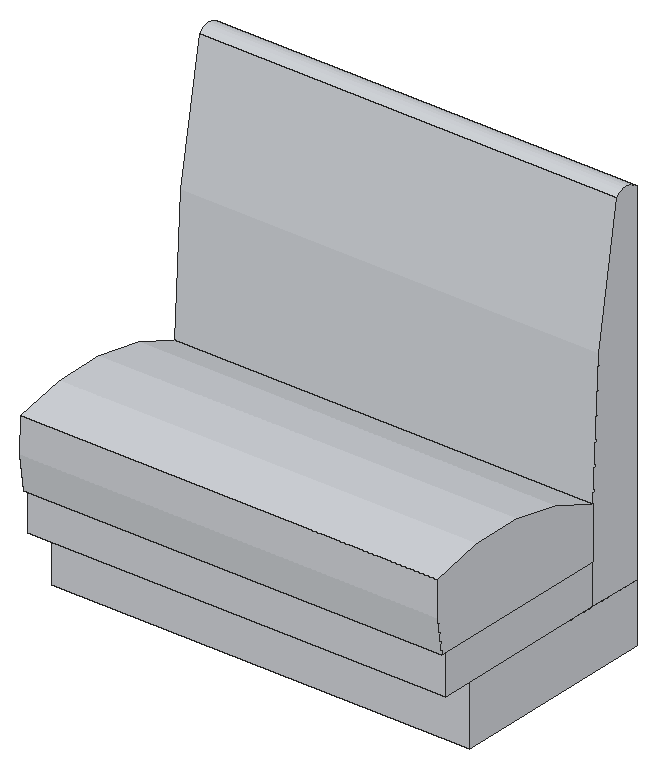
Revit family "single booth", category Furniture, Revit 2016
Family settings
  OmniClass Number = 23.40.20.00
  OmniClass Title = General Furniture and Specialties
  Work Plane-Based = No
  Always vertical = Yes
  Cut with Voids When Loaded = No
  Shared = No
  Room Calculation Point = No
Parameters (values of type "42" x 42"H")
  Width = 2' - 1"
  Type Comments = "Outside finished end on front right side only. Backs upholstered with 5 rows of buttons sewn in deep diamond tufts; upholstery to be chocolate colored vinyl"
  Seat Fabric = none
  Length = 3' - 6"
  Height = 3' - 6"
  Frame = none
  Fabric = none
  Description = "Double Booth 48\" Deep x 25\" Wide x 42\" Overall Height"
Types (15): name | Type Comments | Seat Fabric | Length | Height | Frame | Fabric | Description
  48" x 36"H | "Outside finished end on front right side only. Backs upholstered with 5 rows of buttons sewn in deep diamond tufts; upholstery to be chocolate colored vinyl" | none | 4' - 0" | 3' - 0" | none | none | "Double Booth 48\" Deep x 25\" Wide x 42\" Overall Height"
  60" x 42"H | 0' - 0" | none | 5' - 0" | 3' - 6" | none | none | 0' - 0"
  24" x 42"H | 0' - 0" | none | 2' - 0" | 3' - 6" | none | none | 0' - 0"
  30" x 42"H | "Outside finished end on front right side only. Backs upholstered with 5 rows of buttons sewn in deep diamond tufts; upholstery to be chocolate colored vinyl" | none | 2' - 6" | 3' - 0" | none | none | "Double Booth 48\" Deep x 25\" Wide x 42\" Overall Height"
  42" x 42"H | "Outside finished end on front right side only. Backs upholstered with 5 rows of buttons sewn in deep diamond tufts; upholstery to be chocolate colored vinyl" | none | 3' - 6" | 3' - 6" | none | none | "Double Booth 48\" Deep x 25\" Wide x 42\" Overall Height"
  24" x 36"H | 0' - 0" | none | 2' - 0" | 3' - 0" | none | none | 0' - 0"
  48" x 42"H | "Outside finished end on front right side only. Backs upholstered with 5 rows of buttons sewn in deep diamond tufts; upholstery to be chocolate colored vinyl" | WYO_F-1_Fabric | 4' - 0" | 3' - 6" | Fabric- Bernhardt Design - Leather - Black | WYO_F-2_Booth Back | "Double Booth 48\" Deep x 25\" Wide x 42\" Overall Height"
  60" x 36"H | 0' - 0" | none | 5' - 0" | 3' - 0" | none | none | 0' - 0"
  30" x 36"H | "Outside finished end on front right side only. Backs upholstered with 5 rows of buttons sewn in deep diamond tufts; upholstery to be chocolate colored vinyl" | none | 2' - 6" | 3' - 0" | none | none | "Double Booth 48\" Deep x 25\" Wide x 42\" Overall Height"
  42" x 36"H | "Outside finished end on front right side only. Backs upholstered with 5 rows of buttons sewn in deep diamond tufts; upholstery to be chocolate colored vinyl" | none | 3' - 6" | 3' - 0" | none | none | "Double Booth 48\" Deep x 25\" Wide x 42\" Overall Height"
  54" x 36"H | "Outside finished end on front right side only. Backs upholstered with 5 rows of buttons sewn in deep diamond tufts; upholstery to be chocolate colored vinyl" | none | 4' - 6" | 3' - 0" | none | none | "Double Booth 48\" Deep x 25\" Wide x 42\" Overall Height"
  54" x 42"H | "Outside finished end on front right side only. Backs upholstered with 5 rows of buttons sewn in deep diamond tufts; upholstery to be chocolate colored vinyl" | none | 4' - 6" | 3' - 6" | WYO_PL-1_FRP | WYO_F-3_Booth Back | "Double Booth 48\" Deep x 25\" Wide x 42\" Overall Height"
  36" x 42"H | "Outside finished end on front right side only. Backs upholstered with 5 rows of buttons sewn in deep diamond tufts; upholstery to be chocolate colored vinyl" | WYO_F-1_Fabric | 3' - 0" | 3' - 6" | WYO_PL-1_FRP | WYO_F-2_Booth Back | "Double Booth 48\" Deep x 25\" Wide x 42\" Overall Height"
  36" x 36"H | "Outside finished end on front right side only. Backs upholstered with 5 rows of buttons sewn in deep diamond tufts; upholstery to be chocolate colored vinyl" | none | 3' - 0" | 3' - 0" | none | none | "Double Booth 48\" Deep x 25\" Wide x 42\" Overall Height"
  72" x 42"H | "Outside finished end on front right side only. Backs upholstered with 5 rows of buttons sewn in deep diamond tufts; upholstery to be chocolate colored vinyl" | WYO_F-1_Fabric | 6' - 0" | 3' - 6" | WYO_PL-1_FRP | WYO_F-3_Booth Back | "Double Booth 48\" Deep x 25\" Wide x 42\" Overall Height"
Reference planes (in)
  plane 1 "Center Front/Back": y = 0
  plane 2: z = 0
  plane 3 "Center Left/Right": x = 0
  plane 4: z = 6
  plane 5: z = 18
  plane 6: x = 21
  plane 7: x = -21
  plane 8: z = 42
  plane 9: y = 12.5
  plane 10: y = -12.5
  plane 11: y = -7.5
  plane 12: y = -25
  plane 13: y = 25
  plane 14: z = 10
  plane 15: y = 21
  plane 16: y = -24
  plane 17: y = -21
Forms (in)
  Extrusion 1, solid, material <- "Seat Fabric"
    sketch origin (0, -12.5, 0) x (0, -1, 0) y (0, 0, -1)
      loop
        line (12.01582, -10) -> (-7.02708, -10) -> (-7.02708, -15.23113)
        arc (-7.02708, -15.23113) -> (2.5272, -18.02473) -> (12.41928, -16.91339) r 25.28071
        arc (12.41928, -16.91339) -> (12.46942, -13.44199) -> (12.01582, -10) r 23.88698
    from -21 to 21
  Extrusion 2, solid, material <- "Fabric"
    sketch origin (0, 0, -5.64019) x (0, 1, 0) y (0, 0, 1)
      loop
        line (-5.50252, 20.80464) -> (-5.50252, 11.64019) -> (0, 11.64019) -> (0, 20.81781) -> (0, 47.09497)
        arc (0, 47.09497) -> (-1.22479, 47.64019) -> (-2.44959, 47.09497) r 1.64832
        arc (-2.44959, 47.09497) -> (-4.73673, 34.03814) -> (-5.50252, 20.80464) r 114.72622
    from -21 to 21
  Extrusion 3, solid, material <- "Frame"
    sketch origin (0, 0, 0) x (0, 1, 0) y (0, 0, 1)
      loop
        line (-24, 10) -> (-24, 6) -> (-5.5, 6) -> (-5.5, 10) -> (-24, 10)
    from -21 to 21
  Extrusion 4, solid, material <- "Frame"
    sketch origin (0, 0, 0) x (0, 1, 0) y (0, 0, 1)
      loop
        line (0, 6) -> (-21, 6) -> (-21, 0) -> (0, 0) -> (0, 6)
    from -21 to 21
Dimensions and locks (in)
  equal spacing: plane 7, plane 3 "Center Left/Right", plane 6
  "Length": plane 7 to plane 6
  equal spacing: plane 10, plane 1 "Center Front/Back", plane 9
  "Width": plane 10 to plane 9
  plane 11 to plane 10 = 0' - 5"
  "Height": plane 8 to level
  plane 1 "Center Front/Back" to plane 12 = 2' - 1"
  aligned and locked: level to plane 2
  aligned and locked: Extrusion 1 to plane 6
  aligned and locked: plane 7 to Extrusion 1
  aligned and locked: Extrusion 2 to plane 6
  aligned and locked: plane 7 to Extrusion 2
  aligned and locked: plane 7 to Extrusion 3
  aligned and locked: Extrusion 3 to plane 6
  aligned and locked: plane 7 to Extrusion 4
  aligned and locked: Extrusion 4 to plane 6
Automatic sketch dimensions
  plane 4 to Extrusion 1 sketch curve = 0' - 4"
  plane 1 "Center Front/Back" to Extrusion 1 sketch curve = 0' - 1.12301"
  plane 11 to Extrusion 1 sketch curve = 0' - 2.02708"
  plane 10 to Extrusion 1 sketch curve = 0' - 4.70604"
  Extrusion 1 sketch curve to plane 5 = 0' - 2.76887"
  Extrusion 1 sketch curve to Extrusion 1 sketch curve = 0' - 0.39744"
  plane 1 "Center Front/Back" to Extrusion 4 sketch curve = 1' - 9"
  Extrusion 4 sketch curve to level = 0' - 0"
  Extrusion 4 sketch curve to plane 4 = 0' - 0"
  plane 15 to Extrusion 4 sketch curve = 1' - 9"
  plane 12 to Extrusion 1 sketch curve = 0' - 0.48418"
  plane 12 to Extrusion 1 sketch curve = 0' - 0.08072"
  Extrusion 3 sketch curve to plane 16 = 0' - 0"
  Extrusion 3 sketch curve to plane 14 = 0' - 0"
  plane 11 to Extrusion 3 sketch curve = 0' - 2"
  Extrusion 3 sketch curve to plane 4 = 0' - 0"
  Extrusion 2 sketch curve to plane 4 = 0' - 0"
  Extrusion 2 sketch curve to plane 1 "Center Front/Back" = 0' - 0"
  plane 1 "Center Front/Back" to Extrusion 2 sketch curve = 0' - 1.22479"
  plane 11 to Extrusion 2 sketch curve = 0' - 1.99748"
  Extrusion 2 sketch curve to plane 5 = 0' - 2.83554"
  Extrusion 2 sketch curve to plane 5 = 0' - 2.82238"
  Extrusion 2 sketch curve to plane 8 = 0' - 1.64832"
  Extrusion 2 sketch curve to plane 8 = 0' - 0.54521"
  Extrusion 2 sketch curve to Extrusion 2 sketch curve = 0' - 1.22479"
